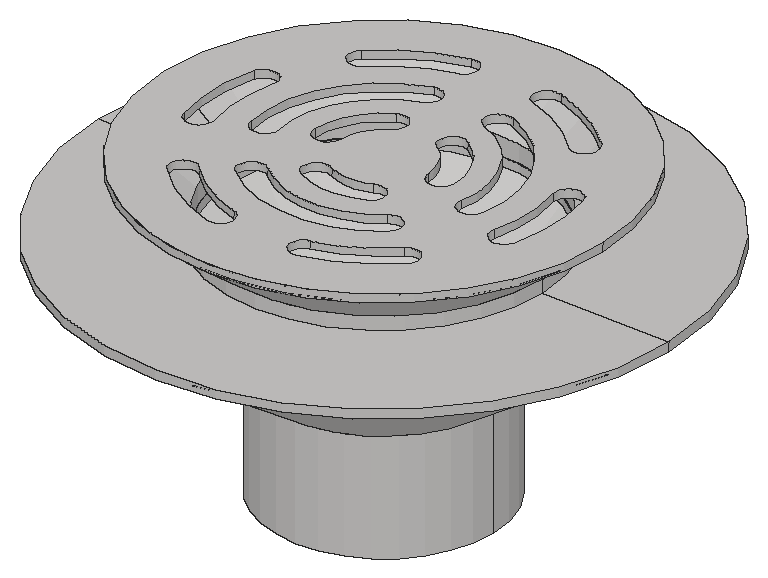
Revit family "PlumbingFixture_Grate_Galvin_G100V-Slip", category Plumbing Fixtures, host Face, Revit 2011
Parameters (values of type "303176X - ST/ST 316")
  URL = "www.galvinengineering.com.au"
  Type Comments = "Round Vinyl"
  StyleOrType_ANZRS = "Grate"
  ModifiedIssue_ANZRS = 20140526.01  # constant formula
  Model = "303176X - ST/ST 316"
  Manufacturer = "Galvin Engineering"
  Keynote = "10800"
  Instructions = "http://www.galvinengineering.com.au/Installation_Guides_1.aspx"
  GrateMaterial = Metal_Drains_Stainless-Steel_15400
  FilterObject_ANZRS = "GV-Slip"
  OutletRadius_DoNotEdit = 40 mm
  DimTop = 100 mm  # constant formula
  DimOutlet = if(OutletRadius_DoNotEdit > 0 mm, (OutletRadius_DoNotEdit * 2), (OutletRadius_DoNotEdit * 2))  # 80 mm
  DimHeight = 53 mm
  DimDepth = 25 mm  # constant formula
  Description = "Round Vinyl Slip-In Floor Drain - Grate Assembly"
  Default Elevation = 0 mm
  CreatedBy_ANZRS = "Galvin Engineering"
  CreatedByURL_ANZRS = "www.galvinengineering.com.au"
  CreatedByPhoneNo_ANZRS = "61-8-92495900"
  Circulation_ANZRS = yes
  CHWFlow_ANZRS = 2.8 L/s
  Assembly Code = "D2040200"
  Application = "PVC"
Reference planes
  plane 1 "Center (Front/Back)": y = 0
  plane 2 "Face": z = 0
  plane 3 "Center (Left/Right)": x = 0
  plane 4 "Left": x = -50
  plane 5 "Right": x = 50
  plane 6 "Depth": z = -28
  plane 7 "Bottom": z = -53
Forms (mm)
  Revolve 1, solid, material "Metal_Drains_Stainless-Steel_15400" <- "GrateMaterial"
    sketch origin (0, 0, 0) x (1, 0, 0) y (0, 0, 1)
      loop
        line (25.023, -27.959) -> (63, -2) -> (65, -2) -> (65, 0) -> (34.292, 0) -> (34.292, -2) -> (60.515, -2) -> (23.023, -27.436) -> (23.023, -53) -> (25.023, -53) -> (25.023, -27.959)
      axis (0, 0) -> (0, -53)
    angle from 0 to 360
  Extrusion 2, solid, material "Metal_Drains_Stainless-Steel_15400" <- "GrateMaterial"
    sketch origin (0, 0, 0) x (1, 0, 0) y (0, 1, 0)
      loop
        circle (0, 0) r 50
      loop
        arc (-10.23, 37.634) -> (-19.5, 33.775) -> (-27.477, 27.677) r 39
        arc (-27.477, 27.677) -> (-27.493, 23.434) -> (-23.25, 23.419) r 3
        arc (-23.25, 23.419) -> (-16.5, 28.579) -> (-8.656, 31.844) r 33
        arc (-8.656, 31.844) -> (-6.548, 35.526) -> (-10.23, 37.634) r 3
      loop
        arc (-31.906, 8.426) -> (-34.041, 12.092) -> (-37.707, 9.958) r 3
        arc (-37.707, 9.958) -> (-39, 0) -> (-37.707, -9.958) r 39
        arc (-37.707, -9.958) -> (-34.041, -12.092) -> (-31.906, -8.426) r 3
        arc (-31.906, -8.426) -> (-33, 0) -> (-31.906, 8.426) r 33
      loop
        arc (-9.053, 25.437) -> (-23.383, 13.5) -> (-26.556, -4.878) r 27
        arc (-26.556, -4.878) -> (-23.063, -7.287) -> (-20.654, -3.794) r 3
        arc (-20.654, -3.794) -> (-18.187, 10.5) -> (-7.041, 19.784) r 21
        arc (-7.041, 19.784) -> (-5.221, 23.617) -> (-9.053, 25.437) r 3
      loop
        arc (-8.277, 13.692) -> (-13.856, 8) -> (-15.997, 0.322) r 16
        arc (-15.997, 0.322) -> (-13.058, -2.738) -> (-9.998, 0.201) r 3
        arc (-9.998, 0.201) -> (-8.66, 5) -> (-5.173, 8.558) r 10
        arc (-5.173, 8.558) -> (-4.158, 12.677) -> (-8.277, 13.692) r 3
      loop
        arc (9.998, 0.201) -> (13.058, -2.738) -> (15.997, 0.322) r 3
        arc (15.997, 0.322) -> (13.856, 8) -> (8.277, 13.692) r 16
        arc (8.277, 13.692) -> (4.158, 12.677) -> (5.173, 8.558) r 3
        arc (5.173, 8.558) -> (8.66, 5) -> (9.998, 0.201) r 10
      loop
        arc (20.654, -3.794) -> (23.063, -7.287) -> (26.556, -4.878) r 3
        arc (26.556, -4.878) -> (23.383, 13.5) -> (9.053, 25.437) r 27
        arc (9.053, 25.437) -> (5.221, 23.617) -> (7.041, 19.784) r 3
        arc (7.041, 19.784) -> (18.187, 10.5) -> (20.654, -3.794) r 21
      loop
        arc (23.25, 23.419) -> (27.493, 23.434) -> (27.477, 27.677) r 3
        arc (27.477, 27.677) -> (19.5, 33.775) -> (10.23, 37.634) r 39
        arc (10.23, 37.634) -> (6.548, 35.526) -> (8.656, 31.844) r 3
        arc (8.656, 31.844) -> (16.5, 28.579) -> (23.25, 23.419) r 33
      loop
        arc (31.906, -8.426) -> (34.041, -12.092) -> (37.707, -9.958) r 3
        arc (37.707, -9.958) -> (39, 0) -> (37.707, 9.958) r 39
        arc (37.707, 9.958) -> (34.041, 12.092) -> (31.906, 8.426) r 3
        arc (31.906, 8.426) -> (33, 0) -> (31.906, -8.426) r 33
      loop
        arc (-4.825, -8.759) -> (-8.9, -9.94) -> (-7.719, -14.015) r 3
        arc (-7.719, -14.015) -> (0, -16) -> (7.719, -14.015) r 16
        arc (7.719, -14.015) -> (8.9, -9.94) -> (4.825, -8.759) r 3
        arc (4.825, -8.759) -> (0, -10) -> (-4.825, -8.759) r 10
      loop
        arc (-13.613, -15.99) -> (-17.842, -16.33) -> (-17.502, -20.559) r 3
        arc (-17.502, -20.559) -> (0, -27) -> (17.502, -20.559) r 27
        arc (17.502, -20.559) -> (17.842, -16.33) -> (13.613, -15.99) r 3
        arc (13.613, -15.99) -> (0, -21) -> (-13.613, -15.99) r 21
      loop
        arc (-23.25, -23.419) -> (-27.493, -23.434) -> (-27.477, -27.677) r 3
        arc (-27.477, -27.677) -> (-19.5, -33.775) -> (-10.23, -37.634) r 39
        arc (-10.23, -37.634) -> (-6.548, -35.526) -> (-8.656, -31.844) r 3
        arc (-8.656, -31.844) -> (-16.5, -28.579) -> (-23.25, -23.419) r 33
      loop
        arc (8.656, -31.844) -> (6.548, -35.526) -> (10.23, -37.634) r 3
        arc (10.23, -37.634) -> (19.5, -33.775) -> (27.477, -27.677) r 39
        arc (27.477, -27.677) -> (27.493, -23.434) -> (23.25, -23.419) r 3
        arc (23.25, -23.419) -> (16.5, -28.579) -> (8.656, -31.844) r 33
    from 15 to 13.3
  Revolve 3, solid, material "Metal_Drains_Stainless-Steel_15400" <- "GrateMaterial"
    sketch origin (-0.147, 0, 0) x (1, 0, 0) y (0, 0, 1)
      loop
        line (49.731, 13.348) -> (46.475, 13.348) -> (34.438, 3.978) -> (34.438, 0) -> (36.438, 0) -> (36.438, 3) -> (49.731, 13.348)
      axis (0, 13.348) -> (0, 0)
    angle from 0 to 360
  Revolve 4, void
    sketch origin (0, 0, 0) x (1, 0, 0) y (0, 0, 1)
      loop
        line (25.023, -27.959) -> (63, -2) -> (65, -2) -> (65, 0) -> (0, 0) -> (0, -53) -> (25.023, -53) -> (25.023, -27.959)
      axis (0, 0) -> (0, -53)
    angle from 0 to 360
Lines and regions (mm)
  symbolic lines, style "Waste Outlets", detail levels medium+fine
    curve 1: circle (0, 0, 0) r 45 normal (0, 0, 1)
    curve 4: circle (-31.61, -18.25, 0) r 1.444 normal (0, 0, 1)
    curve 7: circle (31.61, -18.25, 0) r 1.444 normal (0, 0, 1)
    curve 10: circle (0, 36.5, 0) r 1.444 normal (0, 0, 1)
  symbolic lines, style "Waste Outlets"
    curve 2: circle (-31.61, -18.25, 0) r 5 normal (0, 0, 1)
    curve 5: circle (31.61, -18.25, 0) r 5 normal (0, 0, 1)
    curve 8: circle (0, 36.5, 0) r 5 normal (0, 0, 1)
  symbolic lines, style "Waste Outlets", detail levels fine
    curve 3: circle (-31.61, -18.25, 0) r 4 normal (0, 0, 1)
    curve 6: circle (31.61, -18.25, 0) r 4 normal (0, 0, 1)
    curve 9: circle (0, 36.5, 0) r 4 normal (0, 0, 1)
Dimensions and locks
  "DimDepth": plane 6 "Depth" to plane 7 "Bottom"
  "DimHeight": host face to plane 7 "Bottom"
  "DimTop": plane 4 "Left" to plane 5 "Right"
  aligned and locked: plane 2 "Face" to host face
  aligned and locked: level to host face
  aligned and locked: Revolve 1 sketch curve to plane 7 "Bottom"
  aligned and locked: Revolve 4 sketch curve to plane 7 "Bottom"
Automatic sketch dimensions
  host sketch curve to host sketch curve = 400 mm  (x2)
  plane 1 "Center (Front/Back)" to Extrusion 2 sketch curve = 0 mm
  Extrusion 2 sketch curve to plane 3 "Center (Left/Right)" = 0 mm
  Extrusion 2 sketch curve to Extrusion 2 sketch curve = 0 mm  (x85)
  Extrusion 2 sketch curve to plane 3 "Center (Left/Right)" = 8.656 mm
  Extrusion 2 sketch curve to Extrusion 2 sketch curve = 0.787 mm  (x4)
  Extrusion 2 sketch curve to Extrusion 2 sketch curve = 14.594 mm
  Extrusion 2 sketch curve to Extrusion 2 sketch curve = 2.114 mm  (x4)
  Extrusion 2 sketch curve to plane 1 "Center (Front/Back)" = 23.419 mm
  plane 1 "Center (Front/Back)" to Extrusion 2 sketch curve = 8.426 mm
  Extrusion 2 sketch curve to plane 3 "Center (Left/Right)" = 31.906 mm
  Extrusion 2 sketch curve to Extrusion 2 sketch curve = 2.901 mm  (x4)
  Extrusion 2 sketch curve to Extrusion 2 sketch curve = 5.351 mm  (x3)
  Extrusion 2 sketch curve to Extrusion 2 sketch curve = 2.951 mm  (x2)
  Extrusion 2 sketch curve to Extrusion 2 sketch curve = 0.397 mm  (x2)
  Extrusion 2 sketch curve to Extrusion 2 sketch curve = 1.006 mm  (x2)
  plane 1 "Center (Front/Back)" to Extrusion 2 sketch curve = 4.878 mm  (x2)
  Extrusion 2 sketch curve to plane 1 "Center (Front/Back)" = 0.322 mm
  Extrusion 2 sketch curve to Extrusion 2 sketch curve = 4.658 mm  (x2)
  Extrusion 2 sketch curve to plane 1 "Center (Front/Back)" = 0.262 mm  (x2)
  Extrusion 2 sketch curve to Extrusion 2 sketch curve = 1.236 mm  (x2)
  Extrusion 2 sketch curve to Extrusion 2 sketch curve = 1.552 mm  (x2)
  plane 3 "Center (Left/Right)" to Extrusion 2 sketch curve = 5.173 mm
  Extrusion 2 sketch curve to plane 1 "Center (Front/Back)" = 0.201 mm
  Extrusion 2 sketch curve to Extrusion 2 sketch curve = 4.825 mm
  Extrusion 2 sketch curve to Extrusion 2 sketch curve = 14.197 mm
  Extrusion 2 sketch curve to Extrusion 2 sketch curve = 2.018 mm
  plane 1 "Center (Front/Back)" to Extrusion 2 sketch curve = 9.958 mm
  Extrusion 2 sketch curve to plane 3 "Center (Left/Right)" = 7.719 mm
  Extrusion 2 sketch curve to Extrusion 2 sketch curve = 1.447 mm  (x2)
  plane 3 "Center (Left/Right)" to Extrusion 2 sketch curve = 4.825 mm
  plane 1 "Center (Front/Back)" to Extrusion 2 sketch curve = 11.387 mm
  Extrusion 2 sketch curve to Extrusion 2 sketch curve = 9.783 mm
  Extrusion 2 sketch curve to Extrusion 2 sketch curve = 1.945 mm  (x2)
  Extrusion 2 sketch curve to Extrusion 2 sketch curve = 5.894 mm
  Extrusion 2 sketch curve to Extrusion 2 sketch curve = 1.975 mm
  Extrusion 2 sketch curve to Extrusion 2 sketch curve = 9.975 mm
  Extrusion 2 sketch curve to plane 3 "Center (Left/Right)" = 10.23 mm
  Extrusion 2 sketch curve to Extrusion 2 sketch curve = 2.86 mm
  plane 3 "Center (Left/Right)" to Extrusion 2 sketch curve = 8.656 mm
  Extrusion 2 sketch curve to Extrusion 2 sketch curve = 5.747 mm
  Extrusion 2 sketch curve to Extrusion 2 sketch curve = 17.075 mm
  Revolve 3 sketch curve to level = 0 mm
  Revolve 3 sketch curve to plane 6 "Depth" = 10.491 mm
  Revolve 3 sketch curve to plane 4 "Left" = 49.853 mm
  level to Revolve 3 sketch curve = 3.978 mm
  Revolve 3 sketch curve to Revolve 3 sketch curve = 10.037 mm
  Revolve 3 sketch curve to Revolve 3 sketch curve = 3.256 mm
  Revolve 3 sketch curve to Revolve 3 sketch curve = 0.978 mm
  level to Revolve 3 sketch curve = 13.348 mm
  level to Revolve 3 sketch curve = 32.491 mm
  Revolve 3 sketch curve to Revolve 3 sketch curve = 2 mm
  Revolve 3 sketch curve to Revolve 3 sketch curve = 34.438 mm
  Revolve 1 sketch curve to plane 3 "Center (Left/Right)" = 0 mm
  Revolve 1 sketch curve to plane 6 "Depth" = 0.564 mm
  plane 3 "Center (Left/Right)" to Revolve 1 sketch curve = 23.023 mm
  Revolve 1 sketch curve to Revolve 1 sketch curve = 2 mm  (x4)
  Revolve 1 sketch curve to plane 5 "Right" = 15.708 mm
  plane 5 "Right" to Revolve 1 sketch curve = 10.515 mm
  Revolve 1 sketch curve to Revolve 1 sketch curve = 30.708 mm
  plane 7 "Bottom" to Revolve 1 sketch curve = 29.509 mm
  Revolve 1 sketch curve to plane 6 "Depth" = 0.041 mm
  level to Revolve 1 sketch curve = 22.491 mm
  Revolve 1 sketch curve to level = 0 mm
  Revolve 4 sketch curve to plane 3 "Center (Left/Right)" = 0 mm  (x2)
  Revolve 4 sketch curve to Revolve 4 sketch curve = 25.023 mm
  Revolve 4 sketch curve to Revolve 4 sketch curve = 2 mm  (x2)
  plane 7 "Bottom" to Revolve 4 sketch curve = 29.509 mm
  Revolve 4 sketch curve to plane 6 "Depth" = 0.041 mm
  level to Revolve 4 sketch curve = 22.491 mm
  Revolve 4 sketch curve to level = 0 mm
  plane 5 "Right" to Revolve 4 sketch curve = 13 mm
  radius of Extrusion 2 sketch curve = 50 mm
Connectors
  piping at (0, 0, -53), driven by "OutletRadius_DoNotEdit"
    settings: on Revolve 1, index 1, connector radius 1.5748", flow factor 0, pipe flow 0.0 L/s, pressure drop 0.00 psi, fitting loss kfactor 0, connector angle 0.00°, fixture units 0, engagement length 0 mm, flow configuration 0, flow direction 0, fitting loss method 0, system type 28, joint type 0, gender type 0, connector reference index -1, connector utility 0, adjustable connector no, is connector primary yes, fitting loss table "", connector description ""
